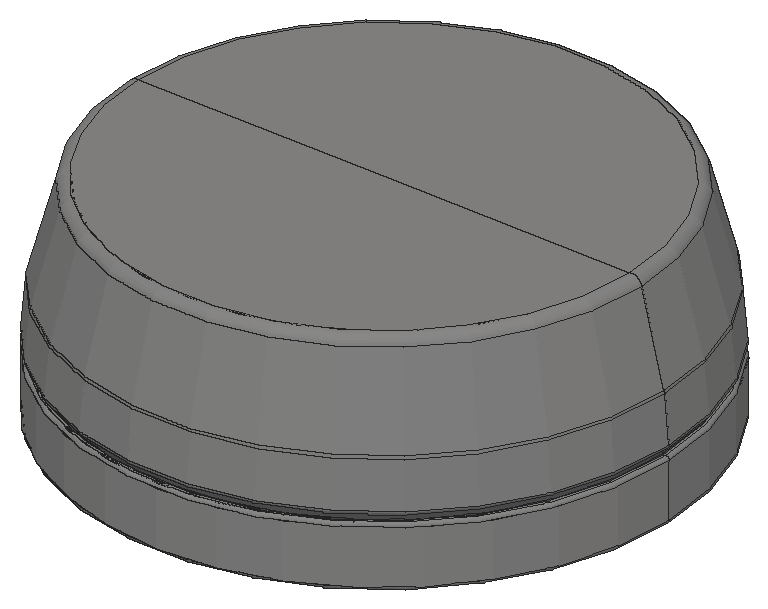
Revit family "Seating-Medium_CAL133-Teknion-STBCJ_Qui-R2014", category Furniture, Revit 2014
Parameters (values of type "Medium")
  Width = 44.500"
  Warranty = "http://www.teknionstudio.com/pdfs/Teknion%20Studio%20Warranty.pdf"
  Unit Weight = 155.00 lbf  # constant formula
  URL = "www.teknionstudio.com"
  Top Upholstery Finish [instance] = Fabric - Teknion - F206 - Full Wool - Fantasme
  Thread Finish [instance] = Thread - Teknion - Black
  Series = "Studio"
  Product Line = "Qui"
  Product Documentation Link = "http://www.teknionstudio.com/pricing/STBCJ_ppg.pdf"
  Part Number = "STBCJ"
  No Casters = no
  Model = "STBCJ3"
  Mid Upholstery Finish [instance] = Fabric - Teknion - F212 - Full Wool - Ink
  Manufacturer Phone = "919-464-2920"
  Manufacturer Fax = "919-464-2927"
  Manufacturer Email = "customersupport@teknionstudio.com"
  Manufacturer Address = "3941 US 70 Business HWY West, Clayton, NC 27520"
  Manufacturer = "StudioTK"  # constant formula
  Low Emitting Material = yes
  Low Emitting Finish = yes
  Height = 17.3001"
  Designation = "CAL 133"  # constant formula
  Description = "Qui Large Ottoman - CAL133 - Upholstered Mid Panel, 44.5\"dia x 18\"h / 113cm x 46cm"
  Depth = 44.500"
  Base Upholstery Finish [instance] = Fabric - Teknion - F206 - Full Wool - Fantasme
  Assembly Code = "E2020200"
Reference planes (in)
  plane 1 "Center F/B": y = 0
  plane 2: z = 0
  plane 3 "Center L/R": x = 0
  plane 4 "Left": x = -22.25
  plane 5 "Right": x = 22.25
  plane 6 "Back": y = 22.25
  plane 7 "Front": y = -22.25
  plane 8 "Top": z = 17.3001
  plane 9 "Mid Top": z = 5.99
  plane 10 "Mid Bottom": z = 5.4351
  plane 11 "Casters Top": z = 2.6851
  plane 12 "Bottom": z = 0.75
  plane 13: y = -10.5
  plane 14: through (0, 0, 48) normal (-0.5, 0.866, 0)
  plane 15: through (0, 0, 48) normal (0.5, 0.866, 0)
  plane 16 "Wheel Mid Plane": z = 1.19
  plane 17 "Thread 2": z = 16.6501
  plane 18 "Thread 3": x = -0.325
  plane 19 "Thread 4": x = 0.325
  plane 20: x = -3.725
  plane 21: x = 3.725
Forms (in)
  Revolve 1, solid, material "Fabric - Teknion - F206 - Full Wool - Fantasme" <- "Base Upholstery Finish"
    sketch origin (0, 0, 0) x (1, 0, 0) y (0, 0, 1)
      loop
        line (0, 5.4351) -> (-22, 5.4351)
        arc (-22, 5.4351) -> (-22.17678, 5.36188) -> (-22.25, 5.1851) r 0.25
        line (-22.25, 5.1851) -> (-22.25, 1)
        arc (-22.25, 1) -> (-22.17678, 0.82322) -> (-22, 0.75) r 0.25
        line (-22, 0.75) -> (0, 0.75) -> (0, 5.4351)
      axis (0, 5.4351) -> (0, 0.75)
    angle from 0 to 360
  Revolve 2, solid, material "Fabric - Teknion - F212 - Full Wool - Ink" <- "Mid Upholstery Finish"
    sketch origin (0, 0, 0) x (1, 0, 0) y (0, 0, 1)
      loop
        arc (-21.65, 6.0501) -> (-21.72071, 6.02081) -> (-21.75, 5.9501) r 0.1
        line (-21.75, 5.9501) -> (-21.75, 5.47013)
        arc (-21.75, 5.47013) -> (-21.72067, 5.39933) -> (-21.64987, 5.37) r 0.10013
        line (-21.64987, 5.37) -> (0, 5.37) -> (0, 6.0501) -> (-21.65, 6.0501)
      axis (0, 6.0501) -> (0, 5.37)
    angle from 0 to 360
  Revolve 3, solid, material "Fabric - Teknion - F206 - Full Wool - Fantasme" <- "Top Upholstery Finish"
    sketch origin (0, 0, 0) x (1, 0, 0) y (0, 0, 1)
      loop
        line (0, 17.3001) -> (0, 5.99) -> (21.98328, 5.99)
        arc (21.98328, 5.99) -> (22.1676, 6.0711) -> (22.23233, 6.26179) r 0.25
        line (22.23233, 6.26179) -> (21.92651, 9.75731)
        arc (21.92651, 9.75731) -> (21.91114, 9.87407) -> (21.88565, 9.98906) r 1.35
        line (21.88565, 9.98906) -> (20.1054, 16.63304)
        arc (20.1054, 16.63304) -> (19.78395, 17.11412) -> (19.23607, 17.3001) r 0.9
        line (19.23607, 17.3001) -> (0, 17.3001)
      axis (0, 5.99) -> (0, 17.3001)
    angle from 0 to 360
  Revolve 4, solid, material "Plastic - Teknion - E - Ebony"
    sketch origin (0, -9.5, 0) x (0, 1, 0) y (0, 0, 1)
      loop
        line (-10.5, 0) -> (-10.5, 0.75) -> (-11, 0.75) -> (-10.89982, 0) -> (-10.5, 0)
      axis (-10.5, 0) -> (-10.5, 0.75)
    angle from 0 to 360
  Revolve 5, solid, material "Plastic - Teknion - E - Ebony"
    sketch origin (-8.22724, -4.75, 0) x (0.866025, 0.5, 0) y (0, 0, 1)
      loop
        line (-10.5, 0) -> (-10.5, 0.75) -> (-11, 0.75) -> (-10.89982, 0) -> (-10.5, 0)
      axis (-10.5, 0) -> (-10.5, 0.75)
    angle from 0 to 360
  Revolve 6, solid, material "Plastic - Teknion - E - Ebony"
    sketch origin (-8.22724, 4.75, 0) x (0.866025, -0.5, 0) y (0, 0, 1)
      loop
        line (-10.5, 0) -> (-10.5, 0.75) -> (-11, 0.75) -> (-10.89982, 0) -> (-10.5, 0)
      axis (-10.5, 0) -> (-10.5, 0.75)
    angle from 0 to 360
  Revolve 7, solid, material "Plastic - Teknion - E - Ebony"
    sketch origin (0, 9.5, 0) x (0, -1, 0) y (0, 0, 1)
      loop
        line (-10.5, 0) -> (-10.5, 0.75) -> (-11, 0.75) -> (-10.89982, 0) -> (-10.5, 0)
      axis (-10.5, 0) -> (-10.5, 0.75)
    angle from 0 to 360
  Revolve 8, solid, material "Plastic - Teknion - E - Ebony"
    sketch origin (8.22724, 4.75, 0) x (-0.866025, -0.5, 0) y (0, 0, 1)
      loop
        line (-10.5, 0) -> (-10.5, 0.75) -> (-11, 0.75) -> (-10.89982, 0) -> (-10.5, 0)
      axis (-10.5, 0) -> (-10.5, 0.75)
    angle from 0 to 360
  Revolve 9, solid, material "Plastic - Teknion - E - Ebony"
    sketch origin (8.22724, -4.75, 0) x (-0.866025, 0.5, 0) y (0, 0, 1)
      loop
        line (-10.5, 0) -> (-10.5, 0.75) -> (-11, 0.75) -> (-10.89982, 0) -> (-10.5, 0)
      axis (-10.5, 0) -> (-10.5, 0.75)
    angle from 0 to 360
Lines and regions (in)
  Masking region 1
    outline origin (0, 0, 17.3001) x (-1, 0, 0) y (0, -1, 0)
      loop
        circle (0, 0) r 22.25
  symbolic lines, detail levels fine
    curve 1: circle (0, 0, 17.3001) r 21.75 normal (0, 0, 1)
  symbolic lines, detail levels medium+fine
    curve 2: circle (0, 0, 17.3001) r 20.1 normal (0, 0, 1)
  symbolic lines
    curve 3: circle (0, 0, 17.3001) r 19.6 normal (0, 0, 1)
  model lines, detail levels medium+fine
    curve 4: arc (0.325, -20.09737, 16.6501) -> (2.03236, -19.99699, 16.6501) -> (3.725, -19.75182, 16.6501) r 20.1
    curve 5: arc (-3.725, -19.75182, 16.6501) -> (-2.03236, -19.99699, 16.6501) -> (-0.325, -20.09737, 16.6501) r 20.1
    curve 7: line (-0.325, -20.10035, 16.6501) -> (-0.325, -21.89438, 9.95469)
    curve 8: line (-0.325, -22.22955, 6.24243) -> (-0.325, -21.94419, 9.50408)
    curve 9: arc (-0.325, -21.89438, 9.95469) -> (-0.325, -21.92161, 9.72964) -> (-0.325, -21.94419, 9.50408) r 11
    curve 10: arc (-0.325, -22.22955, 6.24243) -> (-0.325, -22.15562, 6.06393) -> (-0.325, -21.97712, 5.99) r 0.25243
    curve 11: line (-0.325, -22.25, 5.19389) -> (-0.325, -22.25, 1.00401)
    curve 12: arc (-0.325, -22.25, 1.00401) -> (-0.325, -22.1756, 0.8244) -> (-0.325, -21.99599, 0.75) r 0.25401
    curve 13: arc (-0.325, -22.25, 5.19389) -> (-0.325, -22.18367, 5.36175) -> (-0.325, -22.01808, 5.43354) r 0.23582
    curve 14: line (0.325, -20.10035, 16.6501) -> (0.325, -21.89438, 9.95469)
    curve 15: line (0.325, -22.22955, 6.24243) -> (0.325, -21.94419, 9.50408)
    curve 16: arc (0.325, -21.89438, 9.95469) -> (0.325, -21.92161, 9.72964) -> (0.325, -21.94419, 9.50408) r 11
    curve 17: arc (0.325, -22.22955, 6.24243) -> (0.325, -22.15562, 6.06393) -> (0.325, -21.97712, 5.99) r 0.25243
    curve 18: line (0.325, -22.25, 5.19389) -> (0.325, -22.25, 1.00401)
    curve 19: arc (0.325, -22.25, 1.00401) -> (0.325, -22.1756, 0.8244) -> (0.325, -21.99599, 0.75) r 0.25401
    curve 20: arc (0.325, -22.25, 5.19389) -> (0.325, -22.18367, 5.36175) -> (0.325, -22.01808, 5.43354) r 0.23582
  model lines, detail levels fine
    curve 6: arc (-3.725, -19.24277, 17.3001) -> (0, -19.6, 17.3001) -> (3.725, -19.24277, 17.3001) r 19.6
Dimensions and locks (in)
  "Height": plane 8 "Top" to level
  equal spacing: plane 4 "Left", plane 3 "Center L/R", plane 5 "Right"
  "Width": plane 4 "Left" to plane 5 "Right"
  equal spacing: plane 6 "Back", plane 1 "Center F/B", plane 7 "Front"
  "Depth": plane 6 "Back" to plane 7 "Front"
  locked: plane 3 "Center L/R" to Revolve 2 sketch curve at 21.75
  locked: plane 16 "Wheel Mid Plane" to plane 2 at 1.19
  plane 19 "Thread 4" to plane 3 "Center L/R" to plane 18 "Thread 3" = 0.325", 0.325"
  locked: plane 19 "Thread 4" to plane 18 "Thread 3" at 0.65
  Revolve 2 sketch curve to Revolve 2 sketch curve to Revolve 2 sketch curve to Revolve 2 sketch curve to plane 2 = 0.100" locked, 0.47997" locked, 0.10013" locked, 5.370" locked
  equal spacing: plane 20, plane 3 "Center L/R", plane 21
  locked: plane 20 to plane 21 at 7.45
  locked: plane 12 "Bottom" to plane 2 at 0.75
  locked: plane 11 "Casters Top" to plane 2 at 2.6851
  locked: plane 8 "Top" to plane 17 "Thread 2" at 0.65
  radius of curve 1 = 21.750"
  radius of curve 2 = 20.100"
  radius of curve 3 = 19.600"
  radius of curve 13 = 0.23582"
  radius of curve 10 = 0.25243"
  radius of curve 12 = 0.25401"
  radius of curve 6 = 19.600"
  radius of curve 4 = 20.100"
  radius of Masking region 1 sketch curve = 22.250"
  locked: plane 5 "Right" to Revolve 3 sketch curve (angle 15.00°)
  locked: plane 5 "Right" to Revolve 3 sketch curve (angle 5.00°)
  locked: curve 5 to curve 5 (angle 9.75352°)
  locked: curve 4 to curve 4 (angle 9.75352°)
  angle plane 7 "Front" to curve 7 = 15.00°
  locked: plane 7 "Front" to curve 8 (angle 5.00°)
  aligned and locked: level to plane 2
  aligned and locked: plane 8 "Top" to Revolve 1 sketch curve
  aligned and locked: plane 2 to Revolve 1 sketch curve
  aligned and locked: Revolve 1 sketch curve to plane 3 "Center L/R"  (x2)
  aligned and locked: Revolve 1 sketch curve to plane 4 "Left"
  aligned and locked: Revolve 1 sketch curve to plane 12 "Bottom"
  aligned and locked: plane 10 "Mid Bottom" to Revolve 1 sketch curve
  aligned and locked: plane 8 "Top" to Revolve 2 sketch curve
  aligned and locked: plane 2 to Revolve 2 sketch curve
  aligned and locked: Revolve 2 sketch curve to plane 3 "Center L/R"  (x2)
  aligned and locked: plane 8 "Top" to Revolve 3 sketch curve
  aligned and locked: plane 2 to Revolve 3 sketch curve
  aligned and locked: plane 3 "Center L/R" to Revolve 3 sketch curve
  aligned and locked: Revolve 3 sketch curve to plane 8 "Top"
  aligned and locked: Revolve 3 sketch curve to plane 9 "Mid Top"
  aligned and locked: Revolve 3 sketch curve to plane 3 "Center L/R"
  aligned and locked: curve 4 to curve 5
  aligned and locked: curve 7 to curve 14
  aligned and locked: curve 16 to curve 9
  aligned and locked: curve 15 to curve 8
  aligned and locked: curve 17 to curve 10
  aligned and locked: curve 20 to curve 13
  aligned and locked: curve 18 to curve 11
  aligned and locked: curve 19 to curve 12
  aligned and locked: curve 5 to curve 7
  aligned and locked: curve 4 to curve 14
  aligned and locked: curve 7 to curve 4
  aligned and locked: plane 20 to curve 6
  aligned and locked: plane 21 to curve 4
  aligned and locked: plane 21 to curve 6
  aligned and locked: plane 3 "Center L/R" to Masking region 1 sketch curve
  aligned and locked: plane 1 "Center F/B" to Masking region 1 sketch curve
  aligned and locked: plane 1 "Center F/B" to curve 2
  aligned and locked: plane 3 "Center L/R" to curve 2
  aligned and locked: plane 1 "Center F/B" to curve 1
  aligned and locked: plane 3 "Center L/R" to curve 1
  aligned and locked: plane 1 "Center F/B" to curve 3
  aligned and locked: plane 3 "Center L/R" to curve 3
Automatic sketch dimensions
  plane 4 "Left" to Revolve 1 sketch curve = 0.250"
  plane 12 "Bottom" to Revolve 1 sketch curve = 0.250"
  Revolve 3 sketch curve to plane 5 "Right" = 0.01767"
  plane 9 "Mid Top" to Revolve 3 sketch curve = 0.27179"
  Revolve 3 sketch curve to plane 8 "Top" = 0.66706"
  Revolve 3 sketch curve to Revolve 3 sketch curve = 0.86933"
  Revolve 3 sketch curve to plane 5 "Right" = 0.36435"
  Revolve 3 sketch curve to Revolve 3 sketch curve = 0.04086"
  Revolve 3 sketch curve to plane 5 "Right" = 0.26672"
  Revolve 3 sketch curve to Revolve 3 sketch curve = 1.34486"
  Revolve 3 sketch curve to Revolve 3 sketch curve = 0.23175"
  Revolve 4 sketch curve to Revolve 4 sketch curve = 0.10018"
  Revolve 4 sketch curve to Revolve 4 sketch curve = 0.39982"
  Revolve 4 sketch curve to Revolve 4 sketch curve = 0.000"  (x2)
  Revolve 4 sketch curve to Revolve 4 sketch curve = 0.750"
  Revolve 4 sketch curve to Revolve 4 sketch curve = 16.5501"
  Revolve 5 sketch curve to Revolve 5 sketch curve = 0.10018"
  Revolve 5 sketch curve to Revolve 5 sketch curve = 0.39982"
  Revolve 5 sketch curve to Revolve 5 sketch curve = 0.000"  (x2)
  Revolve 5 sketch curve to Revolve 5 sketch curve = 0.750"
  Revolve 5 sketch curve to Revolve 5 sketch curve = 16.5501"
  Revolve 6 sketch curve to Revolve 6 sketch curve = 0.10018"
  Revolve 6 sketch curve to Revolve 6 sketch curve = 0.39982"
  Revolve 6 sketch curve to Revolve 6 sketch curve = 0.000"  (x2)
  Revolve 6 sketch curve to Revolve 6 sketch curve = 0.750"
  Revolve 6 sketch curve to Revolve 6 sketch curve = 16.5501"
  Revolve 7 sketch curve to Revolve 7 sketch curve = 0.10018"
  Revolve 7 sketch curve to Revolve 7 sketch curve = 0.39982"
  Revolve 7 sketch curve to Revolve 7 sketch curve = 0.000"  (x2)
  Revolve 7 sketch curve to Revolve 7 sketch curve = 0.750"
  Revolve 7 sketch curve to Revolve 7 sketch curve = 16.5501"
  Revolve 8 sketch curve to Revolve 8 sketch curve = 0.10018"
  Revolve 8 sketch curve to Revolve 8 sketch curve = 0.39982"
  Revolve 8 sketch curve to Revolve 8 sketch curve = 0.000"  (x2)
  Revolve 8 sketch curve to Revolve 8 sketch curve = 0.750"
  Revolve 8 sketch curve to Revolve 8 sketch curve = 16.5501"
  Revolve 9 sketch curve to Revolve 9 sketch curve = 0.10018"
  Revolve 9 sketch curve to Revolve 9 sketch curve = 0.39982"
  Revolve 9 sketch curve to Revolve 9 sketch curve = 0.000"  (x2)
  Revolve 9 sketch curve to Revolve 9 sketch curve = 0.750"
  Revolve 9 sketch curve to Revolve 9 sketch curve = 16.5501"
  curve 13 to plane 10 "Mid Bottom" = 0.00156"
  curve 18 to plane 7 "Front" = 0.000"
  curve 18 to plane 16 "Wheel Mid Plane" = 0.18599"
  curve 14 to plane 7 "Front" = 0.35562"
  curve 19 to plane 12 "Bottom" = 0.000"
  curve 17 to plane 9 "Mid Top" = 0.000"
  curve 14 to plane 17 "Thread 2" = 0.000"
  curve 18 to plane 10 "Mid Bottom" = 0.24121"
  curve 15 to plane 7 "Front" = 0.02045"
  plane 9 "Mid Top" to curve 15 = 0.25243"
  curve 15 to plane 7 "Front" = 0.30581"
  curve 17 to curve 15 = 3.26165"
  curve 16 to curve 14 = 0.45061"
  curve 18 to curve 20 = 0.00386"
  curve 20 to plane 10 "Mid Bottom" = 0.00156"
  curve 16 to plane 13 = 0.48821"
  curve 14 to plane 7 "Front" = 2.14965"
  curve 20 to curve 18 = 0.23579"
  plane 1 "Center F/B" to curve 5 = 0.000"
  curve 1 to curve 6 = 0.000"  (x2)
